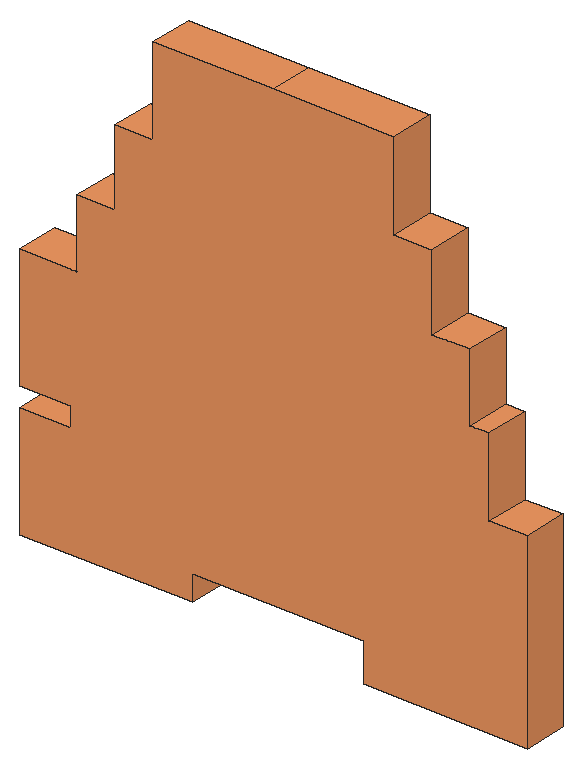
Revit family "Reihenschutzgerät", category Generic Models, Revit 2015
Parameters (values of type "MDP-4 D-24-T-10")
  Width = 100 mm
  URL = "http://www.obo-bettermann.com"
  Material = OBO PA GF20
  Manufacturer Art.No. = "5098433"
  Manufacturer = "OBO Bettermann"
  Length = 8.7 mm
  Height = 98.8 mm
  GTIN = "4012195625131"
  Article Type = "MDP-4 D-24-T-10"
Types (15, lengths in mm): name | Manufacturer Art.No. | GTIN | Article Type
  (no name) | "5098433" | "4012195625131" | "MDP-4 D-24-T-10"
  MDP-2 D-5-T | "5098404" | "4012195406839" | "MDP-2 D-5-T"
  MDP-3 D-5-T | "5098407" | "4012195406846" | "MDP-3 D-5-T"
  MDP-4 D-5-T | "5098411" | "4012195406853" | "MDP-4 D-5-T"
  MDP-2 D-24-T | "5098422" | "4012195406860" | "MDP-2 D-24-T"
  MDP-3 D-24-T | "5098427" | "4012195406877" | "MDP-3 D-24-T"
  MDP-4 D-24-T | "5098431" | "4012195406884" | "MDP-4 D-24-T"
  MDP-2 D-48-T | "5098442" | "4012195406891" | "MDP-2 D-48-T"
  MDP-3 D-48-T | "5098446" | "4012195406907" | "MDP-3 D-48-T"
  MDP-4 D-48-T | "5098450" | "4012195406914" | "MDP-4 D-48-T"
  MDP-4 D-5-T-10 | "5098413" | "4012195625124" | "MDP-4 D-5-T-10"
  MDP-2 D-12-T-10 | "5098415" | "4012195787372" | "MDP-2 D-12-T-10"
  MDP-4 D-12-T-10 | "5098419" | "4012195773610" | "MDP-4 D-12-T-10"
  MDP-2 D-24-T-10 | "5098425" | "4012195787389" | "MDP-2 D-24-T-10"
  MDP-4 D-24-T-10 | "5098433" | "4012195625131" | "MDP-4 D-24-T-10"
Reference planes
  plane 1 "Center (Front/Back)": y = 0
  plane 2: z = 0
  plane 3 "Center (Left/Right)": x = 0
  plane 4: y = 4.35
  plane 5: y = -4.35
Forms (mm)
  Extrusion 1, solid, material "OBO PA GF20" <- "Material"
    sketch origin (0, 0, 0) x (1, 0, 0) y (0, 0, 1)
      loop
        line (17.8, 0) -> (50, 0) -> (50, 37.5) -> (42.5, 37.5) -> (42.5, 53) -> (38.75, 53) -> (38.75, 66.5) -> (31.25, 66.5) -> (31.25, 81.5) -> (23.75, 81.5) -> (23.75, 98.8) -> (0, 98.8) -> (-23.75, 98.8) -> (-23.75, 81.5) -> (-31.25, 81.5) -> (-31.25, 66.5) -> (-38.75, 66.5) -> (-38.75, 53) -> (-50, 53) -> (-50, 2.6) -> (-16, 2.6) -> (-16, 7.6) -> (17.8, 7.6) -> (17.8, 0)
    from -4.35 to 4.35
  Extrusion 2, void
    sketch origin (0, 0, 0) x (1, 0, 0) y (0, 0, 1)
      loop
        line (-50, 28.9) -> (-50, 25) -> (-40, 25) -> (-40, 28.9) -> (-50, 28.9)
    from -4.35 to 4.35
Cuts and joins
  Extrusion 2 cuts Extrusion 1
Dimensions and locks
  locked: Extrusion 1 sketch curve to Extrusion 1 sketch curve at 37.5
  locked: Extrusion 1 sketch curve to level at 53
  locked: Extrusion 1 sketch curve to level at 66.5  (x2)
  locked: Extrusion 1 sketch curve to level at 81.5  (x2)
  "Height": Extrusion 1 sketch curve to level  (x2)
  locked: Extrusion 1 sketch curve to level at 2.6
  "Length": plane 4 to plane 5
  locked: plane 4 to plane 1 "Center (Front/Back)" at 4.35
  locked: level to Extrusion 2 sketch curve at 25
  locked: Extrusion 2 sketch curve to Extrusion 2 sketch curve at 3.9
  "Width": Extrusion 1 sketch curve to Extrusion 1 sketch curve
  equal spacing: Extrusion 1 sketch curve, plane 3 "Center (Left/Right)", Extrusion 1 sketch curve, locked at 50 each
  locked: Extrusion 1 sketch curve to Extrusion 1 sketch curve at 77.5
  equal spacing: Extrusion 1 sketch curve, plane 3 "Center (Left/Right)", Extrusion 1 sketch curve, locked at 38.75 each
  locked: Extrusion 1 sketch curve to Extrusion 1 sketch curve at 62.5
  equal spacing: Extrusion 1 sketch curve, plane 3 "Center (Left/Right)", Extrusion 1 sketch curve, locked at 31.25 each
  locked: Extrusion 1 sketch curve to Extrusion 1 sketch curve at 47.5
  equal spacing: Extrusion 1 sketch curve, plane 3 "Center (Left/Right)", Extrusion 1 sketch curve, locked at 23.75 each
  aligned and locked: level to plane 2
  aligned and locked: plane 3 "Center (Left/Right)" to Extrusion 1 sketch curve
  aligned and locked: plane 4 to Extrusion 1
  aligned and locked: Extrusion 1 to plane 5
  aligned and locked: Extrusion 1 to Extrusion 2
  aligned and locked: Extrusion 2 to Extrusion 1
Automatic sketch dimensions
  Extrusion 2 sketch curve to plane 3 "Center (Left/Right)" = 50 mm
  Extrusion 2 sketch curve to Extrusion 2 sketch curve = 10 mm
  Extrusion 1 sketch curve to level = 0 mm
  level to Extrusion 1 sketch curve = 7.6 mm
  Extrusion 1 sketch curve to plane 3 "Center (Left/Right)" = 16 mm
  plane 3 "Center (Left/Right)" to Extrusion 1 sketch curve = 17.8 mm
  Extrusion 1 sketch curve to Extrusion 1 sketch curve = 7.5 mm
  Extrusion 1 sketch curve to Extrusion 1 sketch curve = 13.5 mm
